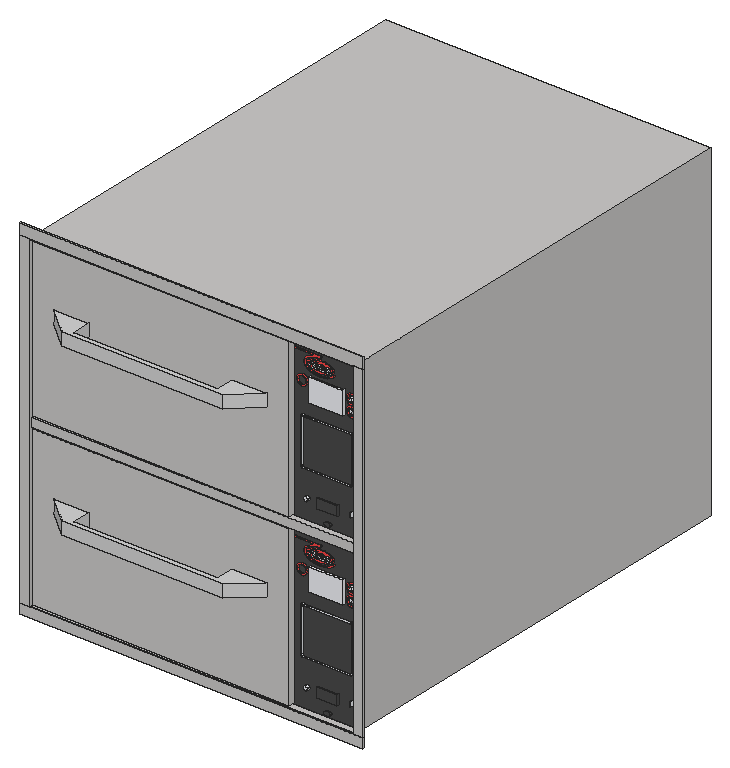
Revit family "qf_hatco_hdw-2bn_cat", category Specialty Equipment, Revit 2014
Parameters (values of type "HDW-2BN")
  Wiring Diagram = ""
  Width = 1' - 8.579"
  Weight in Pounds = 160.9373
  Watts = 900 W
  Volts = 120 V
  URL Cutsheet = "www.hatcocorp.com"
  URL = "www.hatcocorp.com"
  Status [instance] = ""
  Specification by User [instance] = ""
  Specification by Manufacturer = ""
  Show Logo [instance] = yes
  Show Electronic Controls [instance] = yes
  Show Clearance [instance] = yes
  Serial Number = ""
  Seismic Rating = ""
  SMACNA No = ""
  Revision Code [instance] = ""
  Phase = 1
  Number of Poles [instance] = 1
  NAFEM Spec ID Number = ""
  Model = "HDW-2BN"
  Min Ckt Ampacity = 0 A
  Max Overcurrent Protection = 0 A
  Masterspec = ""
  Manufacturer = "HATCO CORPORATION"
  Item Number [instance] = ""
  Installed By [instance] = ""
  Identify Quantity as Lot [instance] = no
  Height = 1' - 9.019"
  HP = "1.206918000000"
  Furnished By [instance] = ""
  Foodservice Equipment Identifier [instance] = no
  FL Amps = 7.5 A
  Electrical Remarks [instance] = ""
  Electric Connection Type [instance] = ""
  Elec Conn RI Height [instance] = 0' - 0"
  Elec Conn Connection Height [instance] = 10' - 0"
  Description = "NARROW BUILT-IN DRAWER WARMERS WITH TWO DRAWERS"
  Depth = 2' - 2.721"
  Front Color [instance] = QF_Finishes_Black
  Cycle = 60 Hz
  Conn Plug = ""
  Conn Conduit [instance] = no
  CSI MasterFormat = ""
  Assembly Code = ""
  Apparent Power = 900 VA
Types (2): name | URL | Phase | Model | Manufacturer | Identify Quantity as Lot | Foodservice Equipment Identifier | Elec Conn Connection Height | Description | Conn Conduit
  (no name) | 0' - 0" | 0 | 0' - 0" | 0' - 0" | yes | yes | 0' - 0" | 0' - 0" | yes
  HDW-2BN | "www.hatcocorp.com" | 1 | "HDW-2BN" | "HATCO CORPORATION" | no | no | 10' - 0" | "NARROW BUILT-IN DRAWER WARMERS WITH TWO DRAWERS" | no
Values of the unnamed type that differ from the named types
  Weight in Pounds = 0
  Watts = 0 W
  Volts = 0 V
  URL Cutsheet = ""
  HP = ""
  FL Amps = 0 A
  Cycle = 0 Hz
  Apparent Power = 0 VA
Reference planes (in)
  plane 1 "BACK": y = 0
  plane 2: z = 0
  plane 3 "LEFT": x = 0
  plane 4 "RIGHT": x = 20.579
  plane 5 "FRONT": y = -26.721
  plane 6 "TOP": z = 53.63802
  plane 7: z = 0
  plane 8: z = 4.875
  plane 9: z = 21.019
  plane 10: x = 10.2895
  plane 11: z = 15.034
Forms (in)
  Extrusion 1, solid, material "QF_Finishes_Stainless Steel"
    sketch origin (0, -4.096, 6.25) x (1, 0, 0) y (0, 0, 1)
      loop
        line (0, 14.769) -> (0, 14.0875) -> (20.579, 14.0875) -> (20.579, 14.769) -> (0, 14.769)
    from 22.5625 to 22.625
  Extrusion 2, solid, material "QF_Finishes_Stainless Steel"
    sketch origin (0, -4.096, -4) x (1, 0, 0) y (0, 0, 1)
      loop
        line (0.625, 14.116) -> (0.625, 4.631) -> (16.00644, 4.631) -> (16.00644, 14.116) -> (0.625, 14.116)
    from 22.125 to 22.485
  Extrusion 3, solid, material "QF_Finishes_Stainless Steel"
    sketch origin (0, -4.096, -13.625) x (1, 0, 0) y (0, 0, 1)
      loop
        line (0, 14.1935) -> (0, 13.625) -> (20.579, 13.625) -> (20.579, 14.1935) -> (0, 14.1935)
    from 22.5625 to 22.625
  Extrusion 4, solid, material "QF_Finishes_Handrails and Railings"
    sketch origin (0.90967, 4.515, -14.31188) x (1, 0, 0) y (0, 1, 0)
      loop
        line (3.08407, -32.198) -> (3.08407, -31.096) -> (1.03105, -31.096) -> (2.58134, -32.502) -> (12.23075, -32.502) -> (13.78105, -31.096) -> (11.72803, -31.096) -> (11.72803, -32.198) -> (3.08407, -32.198)
    from 20.34371 to 21.09371
  Extrusion 5, solid
    sketch origin (11.96213, 0, -4) x (1, 0, 0) y (0, 0, 1)
      loop
        circle (6.078, 6) r 0.125
    from 0 to 0.0625
  Extrusion 6, solid, material "QF_Finishes_Black" <- "Front Color"
    sketch origin (0, 0, 0) x (1, 0, 0) y (0, 1, 0)
      loop
        line (0, -26.721) -> (0.5625, -26.721) -> (0.5625, -26.221) -> (20.0165, -26.221) -> (20.0165, -26.721) -> (20.579, -26.721) -> (20.579, -26.6585) -> (20.079, -26.6585) -> (20.079, -26.1585) -> (20.02387, -26.1585) -> (20.02387, 0) -> (0.55512, 0) -> (0.55512, -26.1585) -> (0.5, -26.1585) -> (0.5, -26.6585) -> (0, -26.6585) -> (0, -26.721)
    from 0.5685 to 20.3375
  Sweep 7, solid, material "QF_Finishes_Stainless Steel"
    path in 3D
      loop
        line (20.079, -26.6585, 0.5685) -> (0.5, -26.6585, 0.5685)
    profile origin (10.2895, -26.6585, 0.5685) x (0, 1, 0) y (0, 0, -1)
      loop
        line (0, 0) -> (0.4375, 0) -> (0.4375, 0.0625) -> (0, 0.0625) -> (0, 0)
  Sweep 8, solid, material "QF_Finishes_Stainless Steel"
    path in 3D
      loop
        line (0.5625, -26.221, 20.3375) -> (20.0165, -26.221, 20.3375)
    profile origin (10.2895, -26.221, 20.3375) x (0, 1, 0) y (0, 0, 1)
      loop
        line (0, 0) -> (-0.4375, 0) -> (-0.4375, -0.0625) -> (0, -0.0625) -> (0, 0)
  Extrusion 9, solid, material "QF_Finishes_Clearance", visible <- "Show Clearance", detail levels coarse
    sketch origin (0, 0, 0) x (1, 0, 0) y (0, 1, 0)
      loop
        line (20.02387, 0) -> (20.02387, -26.6585) -> (20.579, -26.6585) -> (20.579, 1.5) -> (0, 1.5) -> (0, -26.6585) -> (0.55512, -26.6585) -> (0.55512, 0) -> (20.02387, 0)
    from 0.5685 to 20.33841
  Extrusion 10, solid, material "QF_Finishes_Stainless Steel"
    sketch origin (0, -4.096, 6.159) x (1, 0, 0) y (0, 0, 1)
      loop
        line (0.625, 14.116) -> (0.625, 4.631) -> (16.00644, 4.631) -> (16.00644, 14.116) -> (0.625, 14.116)
    from 22.125 to 22.485
  Extrusion 11, solid, material "QF_Finishes_Handrails and Railings"
    sketch origin (0.90967, 4.515, -4.15288) x (1, 0, 0) y (0, 1, 0)
      loop
        line (3.08407, -32.198) -> (3.08407, -31.096) -> (1.03105, -31.096) -> (2.58134, -32.502) -> (12.23075, -32.502) -> (13.78105, -31.096) -> (11.72803, -31.096) -> (11.72803, -32.198) -> (3.08407, -32.198)
    from 20.34371 to 21.09371
  Extrusion 12, solid, material "QF_Finishes_Stainless Steel"
    sketch origin (0, -4.346, -5.70625) x (1, 0, 0) y (0, 0, 1)
      loop
        line (0.5625, 16.4435) -> (0.5625, 15.875) -> (20.0165, 15.875) -> (20.0165, 16.4435) -> (0.5625, 16.4435)
    from 21.875 to 22.235
  Extrusion 13, solid, material "QF_Finishes_Clearance", visible <- "Show Clearance", detail levels coarse
    sketch origin (0, 0, 0) x (1, 0, 0) y (0, 1, 0)
      loop
        line (20.579, 1.5) -> (0, 1.5) -> (0, -26.6585) -> (20.579, -26.6585) -> (20.579, 1.5)
    from 20.3375 to 21.019
  Extrusion 14, solid, material "QF_Finishes_Clearance", visible <- "Show Clearance", detail levels coarse
    sketch origin (0, 0, -20.4505) x (1, 0, 0) y (0, 1, 0)
      loop
        line (20.579, 1.5) -> (0, 1.5) -> (0, -26.6585) -> (20.579, -26.6585) -> (20.579, 1.5)
    from 20.4505 to 21.019
Cuts and joins
  joined: Extrusion 9, Extrusion 13, Extrusion 14
Lines and regions (in)
  symbolic lines
    curve 1: line (2.09509, -26.721, 0) -> (3.49102, -27.987, 0)
    curve 2: line (3.99374, -27.683, 0) -> (3.99374, -26.721, 0)
    curve 3: line (12.6377, -27.683, 0) -> (3.99374, -27.683, 0)
    curve 4: line (3.49102, -27.987, 0) -> (13.14042, -27.987, 0)
    curve 5: line (13.14042, -27.987, 0) -> (14.53635, -26.721, 0)
    curve 6: line (12.6377, -26.721, 0) -> (12.6377, -27.683, 0)
  symbolic lines, style "QF-Clearances", visible <- "Show Clearance", detail levels coarse
    curve 7: line (16.00644, -26.581, 0) -> (16.00644, -44.581, 0)
    curve 8: line (16.00644, -44.581, 0) -> (0.5625, -44.581, 0)
    curve 9: line (0.5625, -26.721, 0) -> (0.5625, -44.581, 0)
  sketch lines
    curve 10: line (20.079, -26.6585, 0.5685) -> (0.5, -26.6585, 0.5685)
    curve 15: line (0.5625, -26.221, 20.3375) -> (20.0165, -26.221, 20.3375)
  symbolic lines, style "SpecialityEquipment"
    curve 11: line (20.579, -26.721, 0) -> (0, -26.721, 0)
  symbolic lines, style "SpecialityEquipmentHiddenLines"
    curve 12: line (0.55512, 0, 0) -> (0.55512, -26.721, 0)
    curve 13: line (20.02387, 0, 0) -> (20.02387, -26.721, 0)
    curve 14: line (20.02387, 0, 0) -> (0.55512, 0, 0)
Dimensions and locks (in)
  "Depth": plane 5 "FRONT" to plane 1 "BACK"
  level to plane 7 = 0' - 0"
  locked: Extrusion 3 sketch curve to Extrusion 3 sketch curve at 0.5685
  locked: Extrusion 4 to Extrusion 4 at 0.75
  plane 7 to level = 0' - 0"
  Extrusion 5 sketch curve to level = 0' - 2"
  equal spacing: plane 4 "RIGHT", Extrusion 5 sketch curve, plane 3 "LEFT"
  locked: level to Extrusion 6 at 0.5685
  plane 8 to level = 0' - 4 7/8"
  "Height": plane 9 to plane 7
  locked: Extrusion 1 sketch curve to Extrusion 1 sketch curve at 0.6815
  locked: Extrusion 1 sketch curve to plane 9 at 0
  locked: plane 9 to Extrusion 6 at 0.6815
  Extrusion 2 sketch curve to level = 0' - 10.116"
  plane 4 "RIGHT" to plane 3 "LEFT" = 1' - 8.579"
  equal spacing: plane 3 "LEFT", plane 10, plane 4 "RIGHT"
  locked: plane 9 to Extrusion 9 at 0.68059
  locked: Extrusion 11 to Extrusion 11 at 0.75
  locked: Extrusion 12 sketch curve to Extrusion 12 sketch curve at 0.5685
  "Width": plane 3 "LEFT" to plane 4 "RIGHT"
  locked: Extrusion 6 sketch curve to Extrusion 6 sketch curve at 19.46875
  Extrusion 9 to Extrusion 9 = 1' - 7 15/32"
  aligned and locked: level to plane 2
  aligned and locked: Extrusion 6 to Extrusion 3
  aligned: Extrusion 6 to Extrusion 1  (x3)
  aligned and locked: Extrusion 3 to plane 3 "LEFT"
  aligned and locked: plane 4 "RIGHT" to Extrusion 3
  aligned: Extrusion 9 sketch curve to Extrusion 6
Automatic sketch dimensions
  curve 11 to plane 3 "LEFT" = 0' - 0"
  plane 1 "BACK" to curve 12 = 0' - 0"
  plane 5 "FRONT" to curve 12 = 0' - 0"
  curve 11 to plane 4 "RIGHT" = 0' - 0"
  plane 3 "LEFT" to curve 12 = 0' - 0.55512"
  curve 12 to curve 9 = 0' - 0.00737"
  curve 9 to curve 1 = 0' - 1.53259"
  plane 5 "FRONT" to curve 1 = 0' - 1.266"
  curve 1 to curve 1 = 0' - 1.39593"
  curve 1 to curve 2 = 0' - 0.50272"
  plane 5 "FRONT" to curve 6 = 0' - 0.962"
  curve 6 to plane 4 "RIGHT" = 0' - 7.9413"
  curve 3 to curve 4 = 0' - 0.50272"
  curve 4 to curve 5 = 0' - 1.39593"
  curve 7 to plane 5 "FRONT" = 0' - 0.14"
  curve 5 to curve 7 = 0' - 1.47009"
  curve 13 to curve 11 = 0' - 0.55513"
  curve 9 to curve 1 = 1' - 4.594"
  Extrusion 1 sketch curve to plane 3 "LEFT" = 0' - 0"
  Extrusion 1 sketch curve to plane 4 "RIGHT" = 0' - 0"
  plane 3 "LEFT" to Extrusion 2 sketch curve = 0' - 0 5/8"
  Extrusion 2 sketch curve to plane 7 = 0' - 0.631"
  Extrusion 2 sketch curve to plane 4 "RIGHT" = 0' - 4.57256"
  Extrusion 3 sketch curve to plane 3 "LEFT" = 0' - 0"
  Extrusion 3 sketch curve to plane 4 "RIGHT" = 0' - 0"
  Extrusion 3 sketch curve to plane 7 = 0' - 0"
  Extrusion 4 sketch curve to plane 5 "FRONT" = 0' - 0.14"  (x2)
  plane 3 "LEFT" to Extrusion 4 sketch curve = 0' - 1.94072"
  plane 5 "FRONT" to Extrusion 4 sketch curve = 0' - 1.266"
  Extrusion 4 sketch curve to Extrusion 4 sketch curve = 0' - 1.5503"
  Extrusion 4 sketch curve to Extrusion 4 sketch curve = 0' - 0.50272"  (x2)
  plane 5 "FRONT" to Extrusion 4 sketch curve = 0' - 0.962"
  Extrusion 4 sketch curve to plane 4 "RIGHT" = 0' - 7.9413"
  Extrusion 4 sketch curve to Extrusion 4 sketch curve = 0' - 2.05302"
  Extrusion 5 sketch curve to plane 4 "RIGHT" = 0' - 2.53887"
  Extrusion 6 sketch curve to plane 3 "LEFT" = 0' - 0"
  plane 1 "BACK" to Extrusion 6 sketch curve = 0' - 0"
  Extrusion 6 sketch curve to plane 4 "RIGHT" = 0' - 0"
  plane 3 "LEFT" to Extrusion 6 sketch curve = 0' - 0 1/2"
  Extrusion 6 sketch curve to Extrusion 6 sketch curve = 0' - 0.05512"
  Extrusion 6 sketch curve to plane 5 "FRONT" = 0' - 0"  (x2)
  Extrusion 6 sketch curve to Extrusion 6 sketch curve = 0' - 0 1/16"  (x5)
  Extrusion 6 sketch curve to Extrusion 6 sketch curve = 0' - 0.00737"
  Extrusion 6 sketch curve to plane 5 "FRONT" = 0' - 0 1/16"
  Extrusion 6 sketch curve to Extrusion 6 sketch curve = 0' - 0 7/16"
  Sweep 7 sketch curve to profile plane = 0' - 0"
  profile plane to Sweep 7 sketch curve = 0' - 0"
  profile plane to Sweep 7 sketch curve = 0' - 0 1/16"
  Sweep 7 sketch curve to Sweep 7 sketch curve = 0' - 0 7/16"
  Sweep 8 sketch curve to profile plane = 0' - 0"  (x2)
  Sweep 8 sketch curve to profile plane = 0' - 0 1/16"
  Sweep 8 sketch curve to Sweep 8 sketch curve = 0' - 0 7/16"
  Extrusion 9 sketch curve to plane 3 "LEFT" = 0' - 0"
  plane 1 "BACK" to Extrusion 9 sketch curve = 0' - 0"
  Extrusion 9 sketch curve to plane 4 "RIGHT" = 0' - 0"
  plane 3 "LEFT" to Extrusion 9 sketch curve = 0' - 0.55512"
  Extrusion 9 sketch curve to plane 4 "RIGHT" = 0' - 0.55513"
  Extrusion 9 sketch curve to plane 5 "FRONT" = 0' - 0 1/16"  (x2)
  Extrusion 9 sketch curve to plane 1 "BACK" = 0' - 1 1/2"
  plane 3 "LEFT" to Extrusion 10 sketch curve = 0' - 0 5/8"
  Extrusion 10 sketch curve to plane 4 "RIGHT" = 0' - 4.57256"
  Extrusion 10 sketch curve to plane 11 = 0' - 4.244"
  plane 9 to Extrusion 10 sketch curve = 0' - 0.744"
  Extrusion 11 sketch curve to plane 5 "FRONT" = 0' - 0.14"  (x2)
  plane 3 "LEFT" to Extrusion 11 sketch curve = 0' - 1.94072"
  plane 5 "FRONT" to Extrusion 11 sketch curve = 0' - 1.266"
  Extrusion 11 sketch curve to Extrusion 11 sketch curve = 0' - 1.5503"
  Extrusion 11 sketch curve to Extrusion 11 sketch curve = 0' - 0.50272"  (x2)
  plane 5 "FRONT" to Extrusion 11 sketch curve = 0' - 0.962"
  Extrusion 11 sketch curve to plane 4 "RIGHT" = 0' - 7.9413"
  Extrusion 11 sketch curve to Extrusion 11 sketch curve = 0' - 2.05302"
  plane 3 "LEFT" to Extrusion 12 sketch curve = 0' - 0 9/16"
  Extrusion 12 sketch curve to plane 4 "RIGHT" = 0' - 0 9/16"
  Extrusion 12 sketch curve to plane 7 = 0' - 10.16875"
  Extrusion 13 sketch curve to plane 3 "LEFT" = 0' - 0"
  Extrusion 13 sketch curve to plane 4 "RIGHT" = 0' - 0"
  Extrusion 13 sketch curve to plane 5 "FRONT" = 0' - 0 1/16"
  Extrusion 13 sketch curve to plane 1 "BACK" = 0' - 1 1/2"
  Extrusion 14 sketch curve to plane 3 "LEFT" = 0' - 0"
  Extrusion 14 sketch curve to plane 4 "RIGHT" = 0' - 0"
  Extrusion 14 sketch curve to plane 5 "FRONT" = 0' - 0 1/16"
  Extrusion 14 sketch curve to plane 1 "BACK" = 0' - 1 1/2"
  radius of Extrusion 5 sketch curve = 0' - 0 1/8"
Nested families (in)
  nested 1: "Hatco_Controls" at (16.1415, -26.221, 3.66214), Logo <- "Show Logo", Show Electronic Control <- "Show Electronic Controls", type "Hatco_Controls"
    with Type Mark "", Standard no, Specification by User "", Show Electronic Control yes, Revision Code "", Logo yes, Item Number "", Installed By "", Identify Quantity as Lot yes, Furnished By "", Foodservice Equipment Identifier yes
  nested 2: "Hatco_Controls" at (16.1415, -26.221, -6.49686), Logo <- "Show Logo", Show Electronic Control <- "Show Electronic Controls", type "Hatco_Controls"
    with Type Mark "", Standard no, Specification by User "", Show Electronic Control yes, Revision Code "", Logo yes, Item Number "", Installed By "", Identify Quantity as Lot yes, Furnished By "", Foodservice Equipment Identifier yes
Connectors (in)
  electrical at (18.04013, 0, 2), driven by "Apparent Power", driven by "Volts", driven by "Number of Poles"
    settings: on Extrusion 5, index 1, voltage 120 V, apparent load 900 VA, apparent load phase1 0 VA, apparent load phase2 0 VA, apparent load phase3 0 VA, power factor 1, load classification "Other", number of poles 1, system type 30, power factor state 1, is connector primary yes, connector utility no, sub classification motor no, connector description "Electrical Connection"
Definition of nested family "Hatco_Controls"
  Parameters (values of type "Hatco_Controls")
    Weight = "97 lbs."
    URL Manufacturer = "www.hatcocorp.com"
    URL Cutsheet = "www.hatcocorp.com"
    URL = "www.hatcocorp.com"
    Type Mark [instance] = ""
    Standard [instance] = not(Show Electronic Control)  # no
    Specification by User [instance] = ""
    Specification by Manufacturer = ""
    Serial Number = ""
    Seismic Rating = ""
    SMACNA No = ""
    Revision Code [instance] = ""
    Omniclass Number and Title = ""
    NAFEM Spec ID Number = ""
    Model = "HDW-1"
    MasterSpec. = ""
    Manufacturer = "Hatco Corporation"
    Logo [instance] = yes
    Item Number [instance] = ""
    Installed By [instance] = ""
    Identify Quantity as Lot [instance] = yes
    Furnished By [instance] = ""
    Foodservice Equipment Identifier [instance] = yes
    Show Electronic Control [instance] = yes
    Description = "Control"
    CSI MasterFormat = ""
    CSI Master Format = ""
    Assembly Code = ""
  Reference planes (in)
    plane 1 "BACK": y = 0
    plane 2: z = 0
    plane 3 "LEFT": x = 0
    plane 4 "RIGHT": x = 0
    plane 5 "FRONT": y = 0
    plane 6 "TOP": z = 17.253
    plane 7: z = 6.25
  Forms (in)
    Extrusion 1, solid, material "QF_Finishes_Black", visible <- "Standard"
      sketch origin (-2.78056, 17.18153, -33.88881) x (0, 0, -1) y (1, 0, 0)
        loop
          line (-42.4193, 5.32317) -> (-42.4193, 4.13211) -> (-41.85049, 4.13211) -> (-41.85049, 5.32317) -> (-42.4193, 5.32317)
      from 17.18153 to 17.27857
    Extrusion 2, solid, material "QF_Finishes_Black", visible <- "Standard"
      sketch origin (-2.78056, 17.18153, 4.42444) x (0, -1, 0) y (1, 0, 0)
        loop
          line (17.18153, 5.18067) -> (17.18153, 4.28539) -> (17.31142, 4.28539)
          arc (17.31142, 4.28539) -> (17.32928, 4.29278) -> (17.33671, 4.31062) r 0.02528
          arc (17.33671, 4.31062) -> (17.37297, 4.74018) -> (17.47887, 5.15807) r 2.63202
          arc (17.47887, 5.15807) -> (17.47225, 5.17405) -> (17.45627, 5.18067) r 0.02261
          line (17.45627, 5.18067) -> (17.18153, 5.18067)
      from 3.64115 to 4.00497
    Extrusion 3, solid, material "QF_Finishes_Black", visible <- "Standard"
      sketch origin (-16.37027, 26.45239, 0.00804) x (1, 0, 0) y (0, 0, 1)
        loop
          circle (18.27422, 9.90711) r 0.86042
      from 26.45239 to 26.97565
    Extrusion 4, solid, material "QF_Finishes_Red", visible <- "Logo"
      sketch origin (41.75147, 17.18153, 4.29762) x (1, 0, 0) y (0, 0, 1)
        loop
          arc (-40.95966, 11.15256) -> (-40.61727, 11.00112) -> (-40.24544, 10.95739) r 1.25528
          arc (-40.24544, 10.95739) -> (-39.87361, 11.00112) -> (-39.53121, 11.15256) r 1.25528
          arc (-39.53121, 11.15256) -> (-39.45184, 11.29705) -> (-39.53121, 11.44154) r 0.1712
          arc (-39.53121, 11.44154) -> (-39.87361, 11.59298) -> (-40.24544, 11.63671) r 1.25528
          arc (-40.24544, 11.63671) -> (-40.61727, 11.59298) -> (-40.95966, 11.44154) r 1.25528
          arc (-40.95966, 11.44154) -> (-41.03903, 11.29705) -> (-40.95966, 11.15256) r 0.1712
      from 17.18153 to 17.24418
    Extrusion 5, solid, material "QF_Finishes_White", visible <- "Logo"
      sketch origin (41.75147, 17.11889, 4.29762) x (1, 0, 0) y (0, 0, 1)
        loop
          line (-40.84067, 11.32733) -> (-40.90513, 11.22006) -> (-40.79927, 11.22006) -> (-40.73487, 11.32725) -> (-40.60455, 11.32725) -> (-40.72467, 11.12733) -> (-39.6006, 11.12733) -> (-39.56107, 11.2121) -> (-40.57373, 11.2121) -> (-40.41441, 11.47726) -> (-40.50981, 11.47726) -> (-40.56604, 11.37987) -> (-40.70448, 11.37987) -> (-40.64826, 11.47726) -> (-40.74893, 11.47726) -> (-40.80515, 11.37987) -> (-40.95471, 11.37987) -> (-40.98628, 11.32733) -> (-40.84067, 11.32733)
        loop
          line (-40.31863, 11.22308) -> (-40.31863, 11.25583) -> (-40.23496, 11.37987)
          arc (-40.23496, 11.37987) -> (-40.23431, 11.3987) -> (-40.25094, 11.40754) r 0.01777
          line (-40.25094, 11.40754) -> (-40.4189, 11.40754) -> (-40.4598, 11.3469) -> (-40.38812, 11.3469) -> (-40.37214, 11.37458) -> (-40.31863, 11.37458) -> (-40.3407, 11.32725) -> (-40.47306, 11.32725) -> (-40.52276, 11.25355) -> (-40.51167, 11.22308) -> (-40.39864, 11.22308) -> (-40.31863, 11.22308)
        loop
          line (-40.43194, 11.265) -> (-40.3783, 11.265) -> (-40.36133, 11.29438) -> (-40.41738, 11.29623) -> (-40.43194, 11.265)
        loop
          line (-40.14313, 11.44748) -> (-40.16176, 11.40754) -> (-40.20207, 11.40754) -> (-40.2243, 11.37458) -> (-40.18522, 11.37458) -> (-40.27269, 11.22308) -> (-40.19716, 11.22308) -> (-40.10796, 11.37152) -> (-40.06235, 11.37152) -> (-40.03806, 11.40754) -> (-40.08632, 11.40754) -> (-40.06232, 11.44748) -> (-40.14313, 11.44748)
        loop
          line (-39.8906, 11.29016) -> (-39.96239, 11.29016) -> (-39.98046, 11.26336) -> (-40.03193, 11.26336) -> (-39.97279, 11.37458) -> (-39.92098, 11.37152) -> (-39.93483, 11.34182) -> (-39.85575, 11.34182) -> (-39.83567, 11.37958) -> (-39.85086, 11.41215) -> (-40.01775, 11.41215) -> (-40.12044, 11.2599) -> (-40.10705, 11.22308) -> (-39.93584, 11.22308) -> (-39.8906, 11.29016)
        loop
          line (-39.69476, 11.22308) -> (-39.59921, 11.3821) -> (-39.61321, 11.41215) -> (-39.7768, 11.41215) -> (-39.80969, 11.38425) -> (-39.88685, 11.25583) -> (-39.87158, 11.22308) -> (-39.69476, 11.22308)
        loop
          line (-39.68391, 11.37152) -> (-39.73397, 11.37152) -> (-39.80909, 11.26015) -> (-39.75082, 11.26015) -> (-39.68391, 11.37152)
      from 17.18153 to 17.24418
    Extrusion 6, solid, material "QF_Finishes_Red", visible <- "Logo"
      sketch origin (41.75147, 17.18153, 4.29762) x (1, 0, 0) y (0, 0, 1)
        loop
          arc (-40.24136, 11.75797) -> (-40.17888, 11.82046) -> (-40.24136, 11.88294) r 0.06248
          line (-40.24136, 11.88294) -> (-41.71787, 11.88294)
          arc (-41.71787, 11.88294) -> (-41.75147, 11.84933) -> (-41.71787, 11.81573) r 0.03361
          line (-41.71787, 11.81573) -> (-40.33342, 11.81573)
          arc (-40.33342, 11.81573) -> (-40.71208, 11.75187) -> (-41.06023, 11.58985) r 1.4344
          arc (-41.06023, 11.58985) -> (-41.2222, 11.29306) -> (-41.06023, 10.99626) r 0.35289
          arc (-41.06023, 10.99626) -> (-40.66993, 10.82153) -> (-40.24544, 10.7698) r 1.4323
          arc (-40.24544, 10.7698) -> (-39.81793, 10.82944) -> (-39.43513, 11.0289) r 1.26928
          arc (-39.43513, 11.0289) -> (-39.42204, 11.07003) -> (-39.46417, 11.07944) r 0.02926
          arc (-39.46417, 11.07944) -> (-39.83282, 10.88534) -> (-40.24544, 10.82761) r 1.2115
          arc (-40.24544, 10.82761) -> (-40.65318, 10.87685) -> (-41.02818, 11.04436) r 1.37452
          arc (-41.02818, 11.04436) -> (-41.16442, 11.29393) -> (-41.02671, 11.54269) r 0.29511
          arc (-41.02671, 11.54269) -> (-40.65032, 11.70973) -> (-40.24136, 11.75797) r 1.37661
      from 17.18153 to 17.24418
    Extrusion 7, solid, material "QF_Finishes_White", visible <- "Standard"
      sketch origin (41.75147, 17.18153, 13.42815) x (1, 0, 0) y (0, 0, 1)
        loop
          arc (-41.26437, 0.2755) -> (-41.37289, 0.23055) -> (-41.41784, 0.12203) r 0.15347
          line (-41.41784, 0.12203) -> (-41.41784, -2.07103)
          arc (-41.41784, -2.07103) -> (-41.37289, -2.17955) -> (-41.26437, -2.2245) r 0.15347
          line (-41.26437, -2.2245) -> (-38.43067, -2.2245)
          arc (-38.43067, -2.2245) -> (-38.32215, -2.17955) -> (-38.2772, -2.07103) r 0.15347
          line (-38.2772, -2.07103) -> (-38.2772, 0.12203)
          arc (-38.2772, 0.12203) -> (-38.32215, 0.23055) -> (-38.43067, 0.2755) r 0.15347
          line (-38.43067, 0.2755) -> (-41.26437, 0.2755)
        loop
          arc (-41.26437, 0.213) -> (-41.3287, 0.18636) -> (-41.35534, 0.12203) r 0.09097
          line (-41.35534, 0.12203) -> (-41.35534, -2.07103)
          arc (-41.35534, -2.07103) -> (-41.3287, -2.13535) -> (-41.26437, -2.162) r 0.09097
          line (-41.26437, -2.162) -> (-38.43067, -2.162)
          arc (-38.43067, -2.162) -> (-38.36635, -2.13535) -> (-38.3397, -2.07103) r 0.09097
          line (-38.3397, -2.07103) -> (-38.3397, 0.12203)
          arc (-38.3397, 0.12203) -> (-38.36635, 0.18636) -> (-38.43067, 0.213) r 0.09097
          line (-38.43067, 0.213) -> (-41.26437, 0.213)
      from 17.18153 to 17.24418
    Extrusion 8, solid, material "QF_Finishes_Black", visible <- "Standard"
      sketch origin (-16.37027, 26.45239, 4.16941) x (1, 0, 0) y (0, 0, 1)
        loop
          line (16.72786, 10.77656) -> (16.72786, 9.6527) -> (19.82058, 9.6527) -> (19.82058, 10.77656) -> (16.72786, 10.77656)
        loop
          line (16.85286, 10.65156) -> (16.85286, 9.7777) -> (19.69558, 9.7777) -> (19.69558, 10.65156) -> (16.85286, 10.65156)
      from 26.45239 to 26.58536
    Extrusion 9, solid, material "QF_Finishes_Black", visible <- "Show Electronic Control"
      sketch origin (-2.78056, 17.18153, -33.88881) x (0, 0, -1) y (1, 0, 0)
        loop
          line (-42.4193, 5.32317) -> (-42.4193, 4.13211) -> (-41.85049, 4.13211) -> (-41.85049, 5.32317) -> (-42.4193, 5.32317)
      from 17.18153 to 17.27857
    Extrusion 10, solid, material "QF_Finishes_White", visible <- "Show Electronic Control"
      sketch origin (41.75147, 17.18153, 13.42815) x (1, 0, 0) y (0, 0, 1)
        loop
          arc (-41.26437, -0.73961) -> (-41.37289, -0.78456) -> (-41.41784, -0.89308) r 0.15347
          line (-41.41784, -0.89308) -> (-41.41784, -3.46114)
          arc (-41.41784, -3.46114) -> (-41.37289, -3.56966) -> (-41.26437, -3.61461) r 0.15347
          line (-41.26437, -3.61461) -> (-38.43067, -3.61461)
          arc (-38.43067, -3.61461) -> (-38.32215, -3.56966) -> (-38.2772, -3.46114) r 0.15347
          line (-38.2772, -3.46114) -> (-38.2772, -0.89308)
          arc (-38.2772, -0.89308) -> (-38.32215, -0.78456) -> (-38.43067, -0.73961) r 0.15347
          line (-38.43067, -0.73961) -> (-41.26437, -0.73961)
        loop
          arc (-41.26437, -0.80211) -> (-41.3287, -0.82876) -> (-41.35534, -0.89308) r 0.09097
          line (-41.35534, -0.89308) -> (-41.35534, -3.46114)
          arc (-41.35534, -3.46114) -> (-41.3287, -3.52547) -> (-41.26437, -3.55211) r 0.09097
          line (-41.26437, -3.55211) -> (-38.43067, -3.55211)
          arc (-38.43067, -3.55211) -> (-38.36635, -3.52547) -> (-38.3397, -3.46114) r 0.09097
          line (-38.3397, -3.46114) -> (-38.3397, -0.89308)
          arc (-38.3397, -0.89308) -> (-38.36635, -0.82876) -> (-38.43067, -0.80211) r 0.09097
          line (-38.43067, -0.80211) -> (-41.26437, -0.80211)
      from 17.18153 to 17.24418
    Extrusion 11, solid, material "QF_Finishes_White", visible <- "Show Electronic Control"
      sketch origin (-16.37027, 26.45239, 4.16941) x (1, 0, 0) y (0, 0, 1)
        loop
          line (17.27422, 10.69419) -> (17.27422, 9.31869) -> (19.27422, 9.31869) -> (19.27422, 10.69419) -> (17.27422, 10.69419)
        loop
          line (19.6265, 10.24467) -> (19.8765, 10.24467) -> (19.7515, 10.51274) -> (19.6265, 10.24467)
        loop
          line (19.6265, 9.82382) -> (19.7515, 9.55575) -> (19.8765, 9.82382) -> (19.6265, 9.82382)
        loop
          circle (17.07572, 4.08192) r 0.11312
        loop
          line (19.68527, 4.27189) -> (19.68527, 4.02189) -> (19.77526, 4.02189) -> (19.77526, 4.27189) -> (19.68527, 4.27189)
      from 26.45239 to 26.58536
    Extrusion 12, solid, material "QF_Finishes_Red", visible <- "Show Electronic Control"
      sketch origin (44.03888, 17.18153, 3.16803) x (1, 0, 0) y (0, 0, 1)
        loop
          circle (-40.65043, 11.34749) r 0.25
        loop
          circle (-40.65043, 11.34749) r 0.313
        loop
          circle (-40.65043, 10.65857) r 0.25
        loop
          circle (-40.65043, 10.65857) r 0.313
        loop
          circle (-43.61943, 11.34749) r 0.25
        loop
          circle (-43.61943, 11.34749) r 0.313
      from 17.18153 to 17.24418
    Extrusion 13, solid, material "QF_Finishes_Black", visible <- "Show Electronic Control"
      sketch origin (-2.78056, 17.18153, -34.63881) x (0, 0, -1) y (1, 0, 0)
        loop
          spline (-41.93382, 4.52768) -> (-41.90794, 4.53449) -> (-41.88383, 4.55447) -> (-41.86312, 4.58624) -> (-41.84723, 4.62766) -> (-41.83724, 4.67589) -> (-41.83383, 4.72764) -> (-41.83724, 4.7794) -> (-41.84723, 4.82763) -> (-41.86312, 4.86904) -> (-41.88383, 4.90082) -> (-41.90794, 4.92079) -> (-41.93382, 4.92761)
          spline (-41.93382, 4.92761) -> (-41.9597, 4.92079) -> (-41.98381, 4.90082) -> (-42.00452, 4.86904) -> (-42.02041, 4.82763) -> (-42.03039, 4.7794) -> (-42.0338, 4.72764) -> (-42.03039, 4.67589) -> (-42.02041, 4.62766) -> (-42.00452, 4.58624) -> (-41.98381, 4.55447) -> (-41.9597, 4.53449) -> (-41.93382, 4.52768)
      from 17.18153 to 17.27857
  Dimensions and locks (in)
    level to plane 7 = 0' - 6 1/4"
    locked: plane 6 "TOP" to plane 7 at 11.003
    Extrusion 5 sketch curve to Extrusion 5 sketch curve to Extrusion 5 sketch curve = 0' - 0.26516", 0' - 0.08477"
    Extrusion 4 sketch curve to Extrusion 4 sketch curve to Extrusion 4 sketch curve = 0' - 0.91495", 0' - 0"
    Extrusion 6 sketch curve to Extrusion 6 sketch curve to Extrusion 6 sketch curve to Extrusion 6 sketch curve = 0' - 0", 0' - 0.15548", 0' - 0.06721"
    Extrusion 8 sketch curve to Extrusion 8 sketch curve to Extrusion 8 sketch curve to Extrusion 8 sketch curve = 0' - 0 1/8", 0' - 0.87386", 0' - 0 1/8"
    Extrusion 2 to Extrusion 2 to plane 7 = 0' - 0.36383" locked, 0' - 1.81558" locked
    radius of Extrusion 11 sketch curve = 0' - 0.11312"
    aligned and locked: level to plane 2
